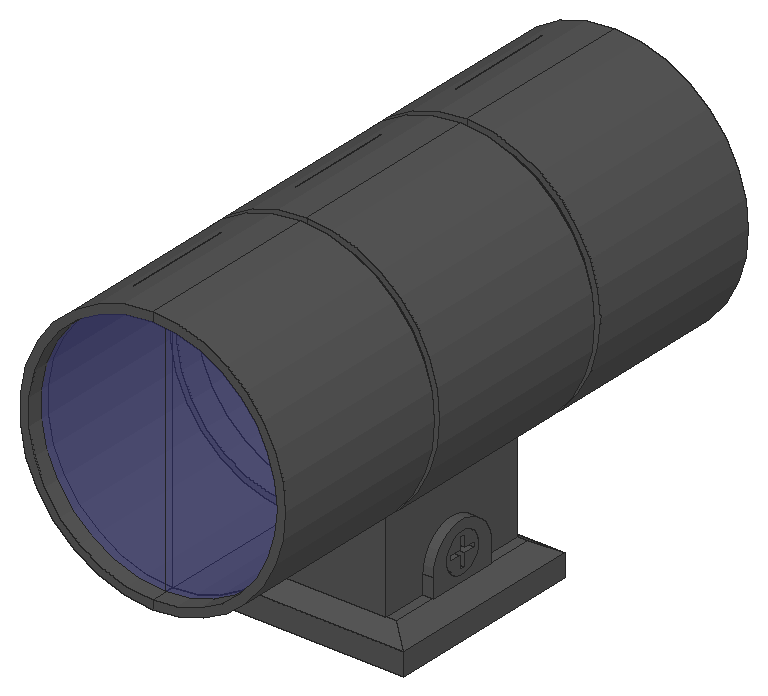
Revit family "CARLO CYLINDER LIGHT WALL MOUNT", category Lighting Fixtures, host Face, Revit 2020 (continued)
Types (10): name | Wattage_Input | Wattage Comments | Wattage | Photometric Web File | built-in parameter 1150142 | Model | built-in parameter 1150105 | Lumens | Light Length 1 | LIGHT RADIUS | LIGHT PLACEMENT | LIGHT LENGTH | LIGHT DIA | built-in parameter 1150106 | FIXED END HEIGHT | Curve base Height | Base Curve | BEAMING ANGLE | Apparent Load
    651.4 636.04 620.36 604.64 589.08 573.61 558 542.88 528.89 \r\n 515.67 503.08 491.18 480.09 469.51 459.12 449.11 439.64 430.42 421.12 \r\n 412 403.27 394.73 386.37 377.73 368.17 358.27 348.42 338.47 328.51 \r\n 318.09 306.81 294.59 281.51 266.59 248.55 228.43 206.39 183.78 161.94 \r\n 141.05 122.15 104.02 85.019 67.58 53.633 43.08 37.305 33.79 30.295 \r\n 27.371 24.835 22.659 20.767 19.125 17.69 16.415 15.219 14.161 13.299 \r\n 12.553 11.863 11.232 10.643 10.102 9.6139 9.1678 8.7551 8.3727 8.0171 \r\n 7.6816 7.3575 7.0471 6.7513 6.466 6.1845 5.9159 5.6699 5.4382 5.2166 \r\n 5.0019 4.7873 4.5793 4.3822 4.1956 4.0216 3.8563 3.6974 3.5429 3.3873 \r\n 3.2379 3.1005 2.9743 2.8622 2.7604 2.6664 2.5788 2.4916 2.4164 2.3706 \r\n 2.331 2.2751 2.2185 2.1732 2.1275 2.0755 2.0114 1.9186 1.8239 1.7585 \r\n 1.6919 1.5988 1.4955 1.3902 1.2897 1.2105 1.1319 1.0307 0.93088 0.85543 \r\n 0.78427 0.69941 0.6176 0.55385 0.49546 0.4331 0.37159 0.31027 0.25633 0.22263 \r\n 0.1915 0.14329 0.096927 0.068012 0.04694 0.028841 0.015116 0.0056405 0.00012685 0 \r\n 0 0 0 0 0 0 0 0.0034964 0.017061 0.055046 \r\n 0.097606 0.12394 0.15127 0.19043 0.23973 0.30596 0.37449 0.42652 0.48131 0.55761 \r\n 0.63805 0.7075 0.77806 0.85698 0.94357 1.0427 1.1449 1.2383 1.3348 1.4504 \r\n 1.5608 1.6406 1.7081 1.7743 1.836 1.8981 1.9467 1.9587 1.9675 2.0078 \r\n 2.0529 2.0816 2.1115 2.1531 2.2066 2.2789 2.3597 2.4355 2.5226 2.6408 \r\n 2.7669 2.8781 2.9928 3.1242 3.2654 3.4149 3.5694 3.7219 3.8818 4.0589 \r\n 4.244 4.429 4.6194 4.8182 5.0249 5.241 5.4637 5.6885 5.9218 6.1695 \r\n 6.4286 6.7006 6.9783 7.2487 7.5304 7.8347 8.1697 8.5518 8.9669 9.4029 \r\n 9.8707 10.369 10.923 11.556 12.264 13.046 13.91 14.834 15.9 17.179 \r\n 18.694 20.417 22.586 24.891 28.951 36.238 46.892 61.981 80.202 101.03 \r\n 123.18 145.43 167.17 187.02 206.18 225.43 244.61 265.23 283.03 292.47 \r\n 298.92 306.14 313.38 321.11 329.4 338.57 348.32 358.37 369 380.65 \r\n 392.56 403.96 415.37 427.17 439.07 450.89 462.64 473.99 485.63 498.23 \r\n 511.48 525.4 539.69 553.92 568.38 583.21 598.31 613.63 629.16 645.01 \r\n 660.86 676.45 691.69 706.29 720.57 734.78 748.82 762.75 776.35 789.37 \r\n 801.97 814.08 826 838.13 850.05 861.47 872.34 882.49 891.97 900.84 \r\n 908.9 915.71 922.1 929.12 935.66 940.66 945.07 949.56 953.95 958.28 \r\n 962.65 967.16 971.85 976.83 982.03 987.52 993.04 998.34 1003.4 1007.9 \r\n 1011.9 \r\n1006.9 1011 1009.9 1008.5 1006.4 1003.3 999.66 995.63 991.33 987 \r\n 982.51 977.87 972.91 967.34 961.5 955.79 949.8 943.18 936.21 929.09 \r\n 921.65 913.85 905.39 895.79 885.56 875.12 864.25 852.85 840.96 828.73 \r\n 815.75 801.42 786.56 771.99 757.16 741.6 725.79 710.17 694.42 678.26 \r\n 662.08 646.31 630.67 614.99 599.33 583.62 568.03 552.58 537.7 523.97 \r\n 511.07 498.88 487.44 476.89 466.86 456.99 447.4 438.22 429.15 419.84 \r\n 410.63 401.89 393.19 384.28 375 364.98 354.62 344.21 333.69 323.39 \r\n 312.43 299.84 286.24 272.22 256.89 239.45 220.24 198.83 176.73 155.2 \r\n 134.56 115.92 98.232 80.114 63.768 51.063 41.61 36.388 33.156 29.796 \r\n 26.924 24.47 22.367 20.532 18.93 17.499 16.224 15.057 14.029 13.177 \r\n 12.436 11.752 11.129 10.548 10.014 9.5269 9.0809 8.6705 8.2908 7.9372 \r\n 7.6038 7.2824 6.9753 6.6838 6.403 6.1262 5.861 5.6147 5.3816 5.16 \r\n 4.9458 4.7323 4.5257 4.3297 4.1442 3.9715 3.807 3.6468 3.4915 3.3396 \r\n 3.1944 3.0583 2.9331 2.8233 2.724 2.6325 2.5474 2.4625 2.3895 2.3463 \r\n 2.3086 2.2526 2.1955 2.1519 2.1067 2.05 1.9816 1.8915 1.7994 1.7304 \r\n 1.6587 1.5595 1.4544 1.3608 1.2715 1.1877 1.1017 1 0.9013 0.8262 \r\n 0.7558 0.67264 0.59294 0.5316 0.47512 0.41277 0.35111 0.29144 0.23875 0.20327 \r\n 0.17053 0.12385 0.080031 0.053104 0.034642 0.021145 0.011854 0.0045593 0.00010073 0 \r\n 0 0 0 0 0 0 0 0.0063346 0.021839 0.056272 \r\n 0.095201 0.12359 0.15301 0.18919 0.23461 0.29911 0.36637 0.4171 0.47003 0.54199 \r\n 0.61948 0.69328 0.76746 0.83974 0.92003 1.0242 1.1321 1.2244 1.3155 1.4176 \r\n 1.518 1.6078 1.6888 1.7595 1.8256 1.8985 1.9584 1.9783 1.9906 2.0249 \r\n 2.0632 2.0952 2.1277 2.1614 2.2054 2.2744 2.3526 2.4234 2.5044 2.6136 \r\n 2.7325 2.8452 2.9618 3.0865 3.2204 3.3692 3.5238 3.673 3.8283 3.9995 \r\n 4.1793 4.3633 4.5524 4.7443 4.9431 5.1531 5.3712 5.5955 5.8272 6.0663 \r\n 6.3152 6.5793 6.8506 7.1183 7.3964 7.6924 8.0153 8.3808 8.7759 9.1897 \r\n 9.6316 10.099 10.617 11.213 11.876 12.602 13.406 14.281 15.286 16.467 \r\n 17.859 19.445 21.433 23.619 27.224 33.062 42.143 56.23 73.878 94.82 \r\n 117.27 139.24 161.07 182.48 203.44 223.77 243.74 264.97 283.31 293.5 \r\n 300.44 307.36 313.99 321.13 328.75 337.14 346.13 355.61 365.72 376.76 \r\n 388.13 399.21 410.39 421.96 433.64 445.28 456.87 468.15 479.73 492.19 \r\n 505.34 519.29 533.66 548.02 562.63 577.67 592.97 608.38 623.99 639.96 \r\n 655.89 671.36 686.54 701.43 716.06 730.42 744.59 758.8 772.71 785.99 \r\n 798.81 811.14 823.29 835.72 847.93 859.67 870.76 880.87 890.27 899.2 \r\n 907.37 914.34 920.87 927.88 934.4 939.51 944.08 948.78 953.38 957.85 \r\n 962.32 966.91 971.63 976.49 981.51 986.77 992.14 997.6 1002.8 1007.5 \r\n 1011.9 \r\n1006.9 1010.6 1009.2 1007.5 1005.2 1002.1 998.51 994.35 989.93 985.64 \r\n 981.18 976.37 971.27 965.78 960.09 954.46 948.53 941.94 935.01 928.04 \r\n 920.72 912.84 904.31 894.81 884.71 874.34 863.44 851.81 839.61 827.03 \r\n 813.77 799.48 784.58 769.33 753.77 738.01 722.12 706.32 690.37 674 \r\n 657.58 641.41 625.44 609.79 594.23 578.41 562.77 547.5 532.9 519.4 \r\n 506.79 494.97 483.98 473.95 464.47 455.13 446.01 437.14 428.26 418.95 \r\n 409.66 400.89 392 382.47 372.49 362.01 351.2 340.19 329.07 318.4 \r\n 306.89 292.97 277.99 263.05 247.34 230.48 212.18 191.5 170.04 148.97 \r\n 128.68 110.22 92.869 75.657 60.436 48.967 40.551 35.678 32.533 29.277 \r\n 26.473 24.099 22.065 20.292 18.733 17.307 16.032 14.901 13.909 13.064 \r\n 12.322 11.645 11.029 10.455 9.9269 9.4418 8.9961 8.5877 8.2101 7.8577 \r\n 7.5258 7.207 6.9033 6.616 6.34 6.0689 5.808 5.5613 5.3266 5.1045 \r\n 4.8904 4.6783 4.4733 4.2786 4.094 3.9219 3.7576 3.5957 3.4398 3.2917 \r\n 3.1509 3.0162 2.8919 2.7841 2.6871 2.5975 2.5144 2.4323 2.3618 2.3199 \r\n 2.2829 2.2271 2.1702 2.1281 2.0833 2.0213 1.9487 1.8637 1.7765 1.7027 \r\n 1.6243 1.52 1.4145 1.3333 1.2554 1.1662 1.0722 0.97147 0.8752 0.79902 \r\n 0.7277 0.64651 0.5695 0.5103 0.45535 0.3929 0.33114 0.27371 0.22252 0.18391 \r\n 0.14825 0.10374 0.063336 0.038191 0.02191 0.012815 0.0079164 0.0031217 0.000068 0 \r\n 0 0 0 0 0.000004 0 0.00059022 0.010515 0.028496 0.058788 \r\n 0.093526 0.12464 0.15699 0.19044 0.23194 0.29432 0.35992 0.40948 0.46069 0.52781 \r\n 0.60194 0.6804 0.75875 0.82484 0.89911 1.008 1.1214 1.2122 1.2974 1.3849 \r\n 1.4747 1.5742 1.6691 1.7452 1.8164 1.9001 1.9714 2.0006 2.018 2.0464 \r\n 2.078 2.1138 2.1498 2.1759 2.2107 2.2764 2.352 2.4179 2.4925 2.5925 \r\n 2.7042 2.819 2.938 3.056 3.1827 3.3309 3.4858 3.6322 3.7833 3.9493 \r\n 4.1245 4.3081 4.496 4.681 4.8719 5.0764 5.2911 5.5166 5.7487 5.9801 \r\n 6.2196 6.4762 6.7418 7.0089 7.286 7.5758 7.8886 8.2395 8.6167 9.0112 \r\n 9.4303 9.8695 10.355 10.917 11.542 12.217 12.968 13.805 14.761 15.855 \r\n 17.14 18.616 20.467 22.588 25.845 30.504 38.26 51.389 68.411 89.344 \r\n 111.96 133.6 155.54 178.59 201.45 222.86 243.52 264.94 283.41 294.36 \r\n 301.94 308.67 314.78 321.39 328.38 336 344.23 353.15 362.74 373.15 \r\n 383.96 394.68 405.59 416.87 428.29 439.65 451.03 462.23 473.77 486.11 \r\n 499.17 513.16 527.63 542.14 556.94 572.19 587.68 603.19 618.87 634.95 \r\n 650.94 666.3 681.43 696.65 711.65 726.15 740.47 754.97 769.2 782.77 \r\n 795.86 808.41 820.77 833.46 845.95 857.96 869.25 879.31 888.62 897.57 \r\n 905.83 912.98 919.65 926.58 933.03 938.27 943.05 948 952.84 957.48 \r\n 962.07 966.8 971.57 976.28 981.09 986.1 991.3 996.91 1002.4 1007.2 \r\n 1011.9 \r\n1006.9 1010.2 1008.5 1006.5 1004 1000.9 997.36 993.11 988.6 984.33 \r\n 979.88 974.92 969.67 964.26 958.69 953.12 947.25 940.7 933.83 927.01 \r\n 919.79 911.82 903.19 893.82 883.88 873.59 862.68 850.84 838.35 825.41 \r\n 811.87 797.66 782.74 766.85 750.61 734.68 718.75 702.79 686.65 670.09 \r\n 653.43 636.85 620.55 604.94 589.5 573.64 557.99 542.94 528.61 515.32 \r\n 502.92 491.42 480.8 471.22 462.21 453.36 444.67 436.11 427.4 418.11 \r\n 408.73 399.91 390.83 380.68 370.02 359.16 348.01 336.46 324.79 313.83 \r\n 301.85 286.73 270.5 254.7 238.58 222.17 204.64 184.63 163.81 143.27 \r\n 123.39 105.01 87.883 71.555 57.449 47.171 39.716 35.046 31.857 28.69 \r\n 25.973 23.678 21.717 20.009 18.497 17.083 15.816 14.725 13.773 12.936 \r\n 12.195 11.525 10.917 10.352 9.8302 9.3483 8.9047 8.499 8.1239 7.7729 \r\n 7.4426 7.1266 6.8266 6.5436 6.2726 6.0077 5.7518 5.5055 5.2697 5.047 \r\n 4.833 4.6226 4.4197 4.2267 4.0432 3.8714 3.7068 3.5436 3.3875 3.2433 \r\n 3.107 2.974 2.851 2.7452 2.6503 2.5626 2.4816 2.4027 2.335 2.2933 \r\n 2.2561 2.2009 2.1449 2.1042 2.0594 1.9922 1.9156 1.8369 1.7554 1.6758 \r\n 1.5898 1.4819 1.3775 1.3077 1.2399 1.145 1.0434 0.94496 0.85211 0.77399 \r\n 0.70066 0.6216 0.5476 0.49029 0.43658 0.37403 0.31231 0.25744 0.20792 0.16561 \r\n 0.12654 0.084635 0.048129 0.024528 0.0099591 0.0047293 0.0037999 0.0015335 0.000033 0 \r\n 0 0 0 0 0.000024 0 0.0024546 0.015518 0.035329 0.061233 \r\n 0.091755 0.12586 0.16156 0.19276 0.23071 0.29079 0.35452 0.40311 0.45283 0.51499 \r\n 0.58562 0.6689 0.7518 0.81264 0.88153 0.99434 1.1121 1.2015 1.2812 1.3549 \r\n 1.4344 1.5425 1.6501 1.7317 1.8082 1.9018 1.9833 2.0222 2.0452 2.0685 \r\n 2.094 2.1341 2.1738 2.1932 2.2196 2.2823 2.3556 2.4168 2.4856 2.5771 \r\n 2.6823 2.7996 2.9212 3.0332 3.1531 3.301 3.4565 3.6007 3.7486 3.9104 \r\n 4.082 4.2657 4.4531 4.6319 4.816 5.0161 5.2286 5.4568 5.6906 5.9163 \r\n 6.1482 6.3985 6.6599 6.9283 7.2067 7.4932 7.7992 8.139 8.5025 8.8827 \r\n 9.2847 9.7021 10.163 10.699 11.294 11.93 12.643 13.459 14.385 15.411 \r\n 16.615 18.016 19.778 21.885 24.901 28.654 35.339 47.568 63.911 84.664 \r\n 107.25 128.53 150.51 175.01 199.55 221.96 243.18 264.39 282.66 294.35 \r\n 302.68 309.42 315.25 321.49 327.98 334.98 342.58 351.02 360.17 370.04 \r\n 380.34 390.73 401.37 412.35 423.46 434.5 445.6 456.71 468.21 480.43 \r\n 493.41 507.41 521.98 536.63 551.59 567.03 582.67 598.27 614 630.16 \r\n 646.2 661.48 676.6 692.12 707.49 722.16 736.63 751.42 765.97 779.85 \r\n 793.23 805.98 818.53 831.45 844.16 856.4 867.85 877.88 887.11 896.09 \r\n 904.42 911.75 918.56 925.37 931.72 937.09 942.11 947.32 952.42 957.23 \r\n 961.96 966.82 971.64 976.21 980.8 985.56 990.61 996.34 1002 1006.8 \r\n 1011.9 \r\n1006.9 1009.9 1007.9 1005.5 1002.7 999.64 996.15 991.88 987.32 983.04 \r\n 978.55 973.45 968.09 962.71 957.22 951.68 945.84 939.37 932.59 925.9 \r\n 918.77 910.69 901.94 892.69 882.9 872.69 861.78 849.79 837.05 823.79 \r\n 809.99 795.86 780.96 764.53 747.72 731.68 715.74 699.64 683.35 666.62 \r\n 649.75 632.82 616.22 600.64 585.32 569.48 553.89 539.06 524.99 511.83 \r\n 499.58 488.28 477.91 468.64 459.97 451.49 443.15 434.82 426.26 416.96 \r\n 407.51 398.61 389.32 378.63 367.42 356.35 345.02 333.11 321.07 309.94 \r\n 297.65 281.67 264.46 247.87 231.27 215.05 198 178.45 158.14 138.12 \r\n 118.66 100.26 83.228 67.72 54.671 45.501 38.918 34.362 31.063 27.986 \r\n 25.379 23.169 21.283 19.643 18.186 16.796 15.549 14.505 13.595 12.771 \r\n 12.035 11.377 10.78 10.224 9.7116 9.2363 8.7979 8.3969 8.0255 7.677 \r\n 7.349 7.0366 6.7406 6.4621 6.196 5.9377 5.6874 5.4427 5.2071 4.9843 \r\n 4.7706 4.5624 4.3623 4.1717 3.9901 3.8186 3.6537 3.4901 3.3345 3.1941 \r\n 3.0622 2.9315 2.8103 2.7068 2.6143 2.5288 2.4503 2.3753 2.3107 2.2685 \r\n 2.2302 2.1766 2.1223 2.0826 2.0373 1.9652 1.8851 1.8138 1.7365 1.6503 \r\n 1.5563 1.4469 1.3449 1.2841 1.2237 1.1236 1.0156 0.92034 0.83158 0.75122 \r\n 0.67539 0.59849 0.52758 0.4719 0.41919 0.35671 0.29526 0.24299 0.19523 0.14947 \r\n 0.10727 0.068216 0.035695 0.013374 0 0 0 0 0 0 \r\n 0 0 0 0 0.000046 0 0.0044289 0.01978 0.040638 0.062367 \r\n 0.089067 0.12604 0.16506 0.19474 0.22988 0.28773 0.34952 0.39744 0.44599 0.50343 \r\n 0.57077 0.65883 0.74648 0.80349 0.868 0.98315 1.1036 1.1919 1.2675 1.33 \r\n 1.401 1.5153 1.6326 1.7194 1.8012 1.9024 1.9921 2.0393 2.0676 2.0872 \r\n 2.1082 2.1525 2.1958 2.2096 2.2289 2.2895 2.361 2.4182 2.482 2.5668 \r\n 2.667 2.7868 2.9112 3.0181 3.1326 3.2805 3.4369 3.5799 3.7259 3.8848 \r\n 4.0541 4.2388 4.4266 4.6009 4.7798 4.9773 5.1892 5.421 5.6578 5.8802 \r\n 6.1072 6.3535 6.6127 6.8841 7.1661 7.4527 7.7564 8.0905 8.4466 8.8196 \r\n 9.2131 9.619 10.067 10.588 11.167 11.785 12.482 13.295 14.213 15.203 \r\n 16.363 17.731 19.458 21.6 24.479 27.602 33.474 44.876 60.488 80.84 \r\n 103.16 124.03 145.96 171.42 197.13 220.33 241.93 262.59 280.36 292.75 \r\n 301.95 308.99 314.87 320.99 327.24 333.89 341.12 349.27 358.12 367.61 \r\n 377.55 387.69 398.1 408.82 419.64 430.3 441.06 452.08 463.53 475.6 \r\n 488.45 502.45 517.06 531.8 546.88 562.43 578.18 593.81 609.57 625.79 \r\n 641.89 657.13 672.28 688.07 703.76 718.61 733.27 748.3 763.14 777.34 \r\n 791.01 803.96 816.67 829.77 842.65 855.05 866.61 876.65 885.88 894.86 \r\n 903.25 910.77 917.73 924.41 930.62 936.13 941.37 946.83 952.18 957.15 \r\n 961.99 966.96 971.81 976.26 980.66 985.23 990.14 995.95 1001.7 1006.6 \r\n 1011.9 \r\n1006.9 1009.6 1007.3 1004.5 1001.3 998.06 994.52 990.33 985.84 981.38 \r\n 976.7 971.6 966.25 960.72 955.06 949.4 943.54 937.24 930.69 924.15 \r\n 917.06 908.8 899.86 890.59 880.84 870.65 859.78 847.94 835.3 821.9 \r\n 807.92 793.74 778.86 762.55 745.88 729.84 713.88 697.77 681.45 664.71 \r\n 647.81 630.78 614.1 598.49 583.22 567.55 552.17 537.55 523.58 510.3 \r\n 497.8 486.24 475.56 465.9 456.87 448.17 439.67 431.2 422.55 413.28 \r\n 403.84 394.76 385.31 374.64 363.63 353.1 342.44 331.17 319.75 309.16 \r\n 297.39 282.11 265.27 248.02 230.38 213.11 195.07 174.76 153.96 134.01 \r\n 114.69 95.881 78.574 63.557 51.279 42.946 37.085 32.773 29.574 26.696 \r\n 24.275 22.198 20.416 18.861 17.481 16.182 15.017 14.029 13.165 12.392 \r\n 11.699 11.067 10.491 9.9603 9.4719 9.0196 8.6016 8.216 7.8569 7.5184 \r\n 7.1987 6.8934 6.6037 6.3304 6.0695 5.8174 5.5739 5.3373 5.1088 4.8896 \r\n 4.6787 4.4745 4.2792 4.0951 3.9194 3.75 3.5866 3.4267 3.2754 3.1389 \r\n 3.0112 2.8852 2.769 2.6704 2.583 2.5036 2.431 2.3614 2.3003 2.2567 \r\n 2.2172 2.1683 2.1185 2.0774 2.0292 1.9558 1.8745 1.8008 1.7221 1.6277 \r\n 1.5274 1.4235 1.3277 1.2631 1.1971 1.0949 0.98719 0.89629 0.8121 0.73203 \r\n 0.6558 0.58049 0.51152 0.4573 0.40588 0.34442 0.28402 0.23311 0.1868 0.1424 \r\n 0.10184 0.065479 0.035356 0.013678 0.00027544 0 0 0 0 0 \r\n 0 0 0 0 0.000039 0.000096 0.0037292 0.01544 0.032376 0.052016 \r\n 0.077858 0.11565 0.15611 0.18701 0.22284 0.27981 0.34048 0.38849 0.43684 0.49136 \r\n 0.55719 0.65054 0.74395 0.80186 0.8648 0.97521 1.0918 1.1824 1.2617 1.3266 \r\n 1.3979 1.5068 1.6194 1.7093 1.7947 1.8931 1.979 2.0256 2.0549 2.0768 \r\n 2.1006 2.1474 2.1922 2.2042 2.2217 2.2841 2.3575 2.4128 2.4748 2.5611 \r\n 2.6638 2.7861 2.9123 3.0187 3.1327 3.2828 3.442 3.5875 3.7359 3.8962 \r\n 4.0676 4.2569 4.4496 4.6269 4.8087 5.0103 5.2267 5.4625 5.7038 5.9324 \r\n 6.1658 6.4174 6.6825 6.9606 7.2514 7.5507 7.8698 8.2206 8.596 8.9908 \r\n 9.4108 9.8525 10.338 10.888 11.506 12.196 12.975 13.853 14.843 15.932 \r\n 17.201 18.672 20.503 22.795 25.743 28.763 34.299 45.013 59.679 78.75 \r\n 99.858 120.24 141.54 165.12 189.07 212.07 233.62 252.95 269.61 282.49 \r\n 292.91 301.63 309.24 316.43 323.59 331.33 339.53 348.22 357.48 367.54 \r\n 377.96 388.3 398.77 409.57 420.31 430.45 440.68 451.59 462.97 474.68 \r\n 487.13 500.92 515.37 529.93 544.82 560.13 575.66 591.11 606.76 622.97 \r\n 639.14 654.6 669.96 685.76 701.47 716.61 731.55 746.68 761.6 776.04 \r\n 789.97 803.11 815.94 829.07 841.92 854.21 865.74 876.11 885.68 894.72 \r\n 903.15 910.94 918.14 924.74 930.83 936.34 941.64 947.19 952.61 957.62 \r\n 962.44 967.25 971.95 976.43 980.93 985.58 990.54 996.26 1001.9 1006.8 \r\n 1011.9 \r\n1006.9 1009.4 1006.8 1003.5 999.89 996.47 992.86 988.78 984.39 979.73 \r\n 974.83 969.77 964.45 958.73 952.84 947.04 941.13 935.04 928.73 922.3 \r\n 915.23 906.79 897.65 888.33 878.58 868.38 857.55 845.88 833.4 819.91 \r\n 805.8 791.56 776.7 760.64 744.22 728.23 712.25 696.15 679.84 663.13 \r\n 646.24 629.19 612.49 596.84 581.59 566.13 551 536.58 522.69 509.23 \r\n 496.44 484.53 473.44 463.29 453.79 444.74 435.97 427.29 418.5 409.22 \r\n 399.77 390.47 380.87 370.32 359.66 349.8 339.96 329.5 318.88 308.95 \r\n 297.86 283.61 267.42 249.6 230.87 212.35 193.06 171.76 150.3 130.36 \r\n 111.16 91.888 74.236 59.634 48.041 40.43 35.
